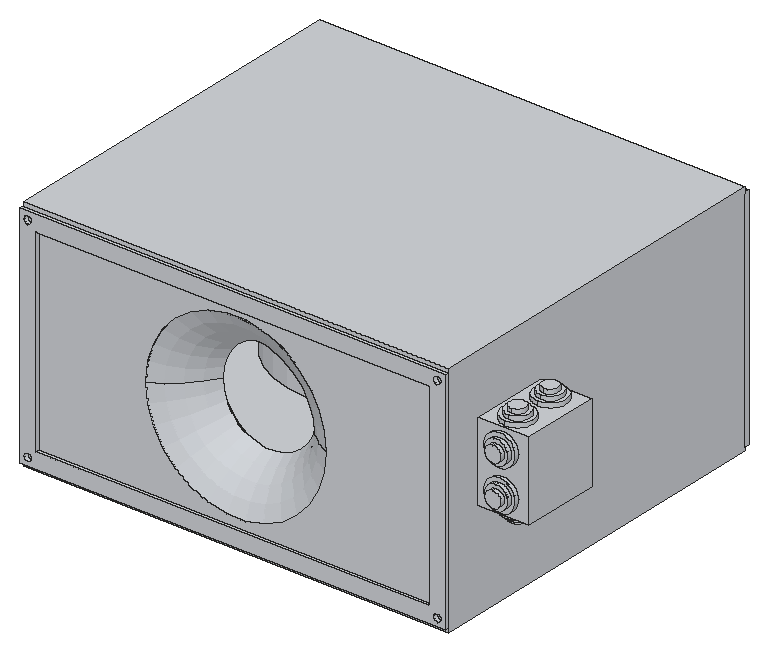
Revit family "ВентКлиматСтрой Вентилятор канальный ВРПП", category Оборудование, Revit 2019 (continued)
Definition of nested family "УГО_Вентилятор 3D"
  Definition of nested family "УГО_Вент_Универсальный_Элемент"
    Dimensions and locks
      "Wf1": curve 61 to curve 61
      "Lf1": curve 63 to curve 63
      "Wf1": curve 63 to curve 63
      "Lf1": curve 65 to curve 65
      "Wf1": curve 65 to curve 65
      "Lf1": curve 67 to curve 67
      "Wf1": curve 67 to curve 67
      "Wf1": curve 70 to curve 70
      "Wf": curve 60 to curve 62
      "Wf": curve 64 to curve 62
      "Wf": curve 64 to curve 66
      "Wf": curve 68 to curve 66
      "Wf": curve 68 to curve 69
      "Lf1": curve 71 to curve 71
      "Lf": curve 61 to curve 59
      "Lf1": curve 70 to curve 70
      equal spacing: curve 65, plane 3 "По центру (Влево/Вправо)", curve 63
      "Wf1": curve 59 to plane 6 "T"
      equal spacing: plane 1 "По центру (Вперед/Назад)", plane 9 "1/3H", plane 12 "1/6T", plane 6 "T"
      equal spacing: plane 7 "B", plane 11 "1/6B", plane 10 "1/3H'", plane 1 "По центру (Вперед/Назад)"
      equal spacing: plane 7 "B", plane 1 "По центру (Вперед/Назад)", plane 6 "T"
      locked: plane 1 "По центру (Вперед/Назад)" to curve 8 at 0.2
      equal spacing: plane 3 "По центру (Влево/Вправо)", plane 27 "1/2R", plane 4 "R"
      equal spacing: plane 5 "L", plane 26 "1/2L", plane 3 "По центру (Влево/Вправо)"
      locked: plane 26 "1/2L" to plane 28 at 2
      locked: plane 29 to plane 27 "1/2R" at 2
      locked: plane 1 "По центру (Вперед/Назад)" to curve 73 at 2
      "0.25W": curve 74 to plane 6 "T"
      "0.25W": plane 7 "B" to curve 74
      "D2": curve 77 to plane 1 "По центру (Вперед/Назад)"
      equal spacing: plane 1 "По центру (Вперед/Назад)", curve 80, plane 6 "T"
      locked: curve 81 to curve 80 at 5
      "l1": curve 81 to curve 81
      "l1": curve 82 to curve 82
      "l1": curve 83 to curve 83
      locked: curve 84 to curve 80 at 5
      "l1": curve 84 to curve 84
      "l2": curve 81 to curve 84
      "l1": curve 85 to curve 85
      "l1": curve 86 to curve 86
      "Re": curve 87 to curve 87
      "s1": curve 87 to curve 87
      "Re": curve 88 to curve 88
      "s1": curve 88 to curve 88
      "Re": curve 89 to curve 89
      "s1": curve 89 to curve 89
      equal spacing: Extrusion 8 sketch curve, Extrusion 8 sketch curve, Extrusion 8 sketch curve, Extrusion 8 sketch curve
      "0.25W": Extrusion 8 sketch curve to Extrusion 8 sketch curve
      equal spacing: Extrusion 8 sketch curve, plane 1 "По центру (Вперед/Назад)", Extrusion 8 sketch curve
      equal spacing: curve 93, curve 92, curve 91, curve 90
      equal spacing: curve 91, plane 1 "По центру (Вперед/Назад)", curve 92
      equal spacing: curve 94, curve 93, curve 94
      "Ld1": curve 94 to curve 94
      equal spacing: curve 95, curve 92, curve 95
      "Ld1": curve 95 to curve 95
      equal spacing: curve 96, curve 91, curve 96
      "Ld1": curve 96 to curve 96
      equal spacing: curve 97, curve 90, curve 97
      "Ld1": curve 97 to curve 97
      "0.25W": curve 92 to curve 91
      equal spacing: curve 101, plane 3 "По центру (Влево/Вправо)", curve 101
      "Ls2": curve 101 to curve 101
      equal spacing: curve 100, curve 101, curve 100
      "Ls2": curve 100 to curve 100
      equal spacing: curve 102, plane 3 "По центру (Влево/Вправо)", curve 102
      "Ls2": curve 102 to curve 102
      equal spacing: plane 1 "По центру (Вперед/Назад)", curve 99, plane 6 "T"
      equal spacing: plane 7 "B", curve 103, plane 1 "По центру (Вперед/Назад)"
      locked: curve 101 to curve 81 at 0.5
      equal spacing: curve 108, curve 106, curve 108
      "Ls3": curve 108 to curve 108
      "SL": plane 5 "L" to curve 106
      "SL": curve 105 to plane 4 "R"
      "SW": plane 7 "B" to curve 106
      "SW": curve 105 to plane 6 "T"
      equal spacing: curve 107, curve 105, curve 107
      "Ls3": curve 107 to curve 107
      locked: curve 105 to curve 109 at 0.5
      equal spacing: curve 109, curve 107, curve 109
      "Ls3": curve 109 to curve 109
      locked: curve 108 to curve 106 at 0.5
      "Диаметр трубок": diameter of curve 3
      "Диаметр трубок": diameter of curve 4
      "D": diameter of curve 12
      "D1": diameter of curve 75
      "D2": diameter of curve 76
      "d": diameter of Extrusion 8 sketch curve  (x4)
      "d": diameter of curve 90
      "d": diameter of curve 91
      "d": diameter of curve 92
      "d": diameter of curve 93
      "Ds": diameter of curve 103
      "Ds": diameter of curve 99
      "Ds1": diameter of curve 106
      "Ds1": diameter of curve 105
      angle curve 14 to curve 13 = 60.00°
      angle curve 13 to curve 15 = 60.00°
      locked: curve 82 to curve 81 (angle 20.00°)
      locked: curve 81 to curve 83 (angle 20.00°)
      locked: curve 85 to curve 84 (angle 20.00°)
      locked: curve 84 to curve 86 (angle 20.00°)
      locked: curve 94 to plane 3 "По центру (Влево/Вправо)" (angle 45.00°)
      locked: plane 3 "По центру (Влево/Вправо)" to curve 95 (angle 45.00°)
      locked: curve 96 to plane 3 "По центру (Влево/Вправо)" (angle 45.00°)
      locked: plane 3 "По центру (Влево/Вправо)" to curve 97 (angle 45.00°)
      aligned and locked: level to plane 2
      aligned and locked: Extrusion 2 sketch curve to plane 4 "R"
      aligned and locked: Extrusion 2 sketch curve to plane 7 "B"
      aligned and locked: Extrusion 5 sketch curve to curve 3
      aligned and locked: Extrusion 5 sketch curve to curve 4
      aligned and locked: plane 1 "По центру (Вперед/Назад)" to Extrusion 7 sketch curve
      aligned and locked: plane 3 "По центру (Влево/Вправо)" to Extrusion 7 sketch curve
      aligned and locked: Extrusion 3 sketch curve to plane 4 "R"
      aligned and locked: plane 5 "L" to Extrusion 3 sketch curve
      aligned and locked: plane 6 "T" to Extrusion 3 sketch curve
      aligned and locked: plane 7 "B" to Extrusion 3 sketch curve
      aligned and locked: curve 9 to plane 3 "По центру (Влево/Вправо)"
      aligned and locked: plane 1 "По центру (Вперед/Назад)" to curve 9
      aligned and locked: plane 1 "По центру (Вперед/Назад)" to curve 10
      aligned and locked: plane 3 "По центру (Влево/Вправо)" to curve 11
      aligned and locked: plane 3 "По центру (Влево/Вправо)" to curve 12
      aligned and locked: plane 1 "По центру (Вперед/Назад)" to curve 12
      aligned and locked: plane 4 "R" to curve 20
      aligned and locked: plane 1 "По центру (Вперед/Назад)" to curve 21
      aligned and locked: curve 6 to curve 24
      aligned and locked: curve 25 to curve 2
      aligned and locked: curve 26 to curve 2
      aligned and locked: curve 25 to curve 1
      aligned and locked: curve 26 to curve 1
      aligned and locked: curve 32 to curve 29
      aligned and locked: curve 33 to curve 31
      aligned and locked: curve 32 to curve 28
      aligned and locked: curve 33 to curve 28
      aligned and locked: plane 6 "T" to curve 33
      aligned and locked: plane 6 "T" to curve 32
      aligned and locked: plane 9 "1/3H" to curve 33
      aligned and locked: plane 9 "1/3H" to curve 32
      aligned and locked: plane 6 "T" to curve 55
      aligned and locked: plane 5 "L" to curve 56
      aligned and locked: curve 57 to plane 7 "B"
      aligned and locked: curve 58 to plane 4 "R"
      aligned and locked: curve 62 to curve 59
      aligned and locked: curve 63 to curve 59
      aligned and locked: curve 59 to curve 67
      aligned and locked: curve 59 to curve 70
      aligned and locked: curve 61 to curve 65
      aligned and locked: curve 61 to curve 71
      aligned and locked: plane 28 to curve 72
      aligned and locked: plane 29 to curve 74
      aligned and locked: plane 16 to curve 77
      aligned and locked: plane 17 to curve 77
      aligned and locked: plane 18 to curve 78
      aligned and locked: plane 15 to curve 79
      aligned and locked: plane 5 "L" to curve 79
      aligned and locked: curve 77 to curve 78
      aligned and locked: curve 77 to curve 79
      aligned and locked: curve 80 to curve 81
      aligned and locked: plane 13 to curve 87
      aligned and locked: plane 13 to curve 88
      aligned and locked: plane 13 to curve 89
      aligned and locked: plane 3 "По центру (Влево/Вправо)" to Extrusion 8 sketch curve  (x4)
      aligned and locked: curve 94 to curve 93
      aligned and locked: plane 3 "По центру (Влево/Вправо)" to curve 93
      aligned and locked: curve 96 to curve 91
      aligned and locked: curve 97 to curve 90
      aligned and locked: curve 95 to curve 92
      aligned and locked: plane 3 "По центру (Влево/Вправо)" to curve 92
      aligned and locked: plane 3 "По центру (Влево/Вправо)" to curve 91
      aligned and locked: plane 3 "По центру (Влево/Вправо)" to curve 90
      aligned and locked: curve 102 to curve 103
      aligned and locked: plane 5 "L" to curve 98
      aligned and locked: curve 107 to curve 105
    Automatic sketch dimensions
      Extrusion 1 sketch curve to plane 5 "L" = 0 mm
      Extrusion 1 sketch curve to plane 4 "R" = 0 mm
      plane 7 "B" to Extrusion 1 sketch curve = 0 mm
      plane 6 "T" to Extrusion 1 sketch curve = 0 mm
      Extrusion 2 sketch curve to plane 5 "L" = 0 mm
      plane 6 "T" to Extrusion 2 sketch curve = 0 mm
      Extrusion 6 sketch curve to plane 5 "L" = 0 mm
      Extrusion 6 sketch curve to plane 4 "R" = 0 mm
      plane 7 "B" to Extrusion 6 sketch curve = 0 mm
      plane 6 "T" to Extrusion 6 sketch curve = 0 mm
      curve 12 to curve 75 = 0 mm  (x2)
      curve 12 to curve 76 = 0 mm  (x2)
      curve 75 to curve 76 = 0 mm
      curve 48 to plane 14 = 0 mm
      curve 35 to plane 14 = 0 mm
      curve 41 to plane 14 = 0 mm
      curve 43 to plane 15 = 0 mm
      curve 35 to plane 15 = 0 mm
      curve 50 to plane 15 = 0 mm
      curve 37 to plane 16 = 0 mm
      curve 50 to plane 16 = 0 mm
      curve 44 to plane 16 = 0 mm
      curve 12 to plane 3 "По центру (Влево/Вправо)" = 0 mm
      curve 99 to plane 3 "По центру (Влево/Вправо)" = 0 mm
      curve 103 to plane 3 "По центру (Влево/Вправо)" = 0 mm
      curve 4 to plane 3 "По центру (Влево/Вправо)" = 0 mm
      curve 3 to plane 3 "По центру (Влево/Вправо)" = 0 mm
      curve 45 to plane 17 = 0 mm
      curve 51 to plane 17 = 0 mm
      curve 38 to plane 17 = 0 mm
      curve 38 to plane 18 = 0 mm
      curve 52 to plane 18 = 0 mm
      curve 46 to plane 18 = 0 mm
      curve 47 to plane 19 = 0 mm
      curve 40 to plane 19 = 0 mm
      curve 53 to plane 19 = 0 mm
      plane 25 to curve 51 = 0 mm
      plane 25 to curve 48 = 0 mm
      plane 25 to curve 54 = 0 mm
      plane 25 to curve 52 = 0 mm
      plane 24 to curve 48 = 0 mm
      plane 24 to curve 49 = 0 mm
      plane 24 to curve 51 = 0 mm
      plane 24 to curve 54 = 0 mm
      plane 20 to curve 39 = 0 mm
      plane 20 to curve 37 = 0 mm
      plane 20 to curve 35 = 0 mm
      plane 1 "По центру (Вперед/Назад)" to curve 7 = 0 mm
      plane 21 to curve 36 = 0 mm
      plane 21 to curve 37 = 0 mm
      plane 21 to curve 39 = 0 mm
      plane 21 to curve 34 = 0 mm
      plane 22 to curve 45 = 0 mm
      plane 22 to curve 42 = 0 mm
      plane 22 to curve 43 = 0 mm
      plane 22 to curve 47 = 0 mm
      plane 23 to curve 44 = 0 mm
      plane 23 to curve 42 = 0 mm
      plane 23 to curve 41 = 0 mm
      plane 23 to curve 47 = 0 mm
      curve 100 to plane 3 "По центру (Влево/Вправо)" = 0.5 mm
      curve 5 to plane 3 "По центру (Влево/Вправо)" = 0.1 mm
      curve 98 to plane 1 "По центру (Вперед/Назад)" = 0.5 mm
      curve 6 to plane 5 "L" = 0 mm
      curve 1 to plane 3 "По центру (Влево/Вправо)" = 0 mm
      curve 6 to plane 4 "R" = 0 mm
      plane 7 "B" to curve 6 = 0 mm
      plane 6 "T" to curve 6 = 0 mm
      Extrusion 4 sketch curve to plane 3 "По центру (Влево/Вправо)" = 0.4 mm
      plane 1 "По центру (Вперед/Назад)" to Extrusion 4 sketch curve = 0.4 mm  (x2)
      radius of Extrusion 7 sketch curve = 25 mm
Types (9, lengths in mm): name | RinAng | H | D1 | D | B2 | ADSK_Размер_Ширина | ADSK_Размер_Длина | ADSK_Размер_Глубина | ADSK_Размер_Высота | A2 | A1 | Lb | L1 | L | B1 | B | Bb | A | ADSK_Частота вращения двигателя | ADSK_Частота вращения вентилятора | ADSK_Ток | ADSK_Полная мощность | ADSK_Номинальная мощность | ADSK_Наименование краткое | ADSK_Наименование | ADSK_Масса | ADSK_Марка | ADSK_Коэффициент мощности
  ВРПП-30x15* | 15.00° | 220 | 150 | 150 | 190 | 300 | 380 | 300 | 150 | 340 | 320 | 370 | 180.278 | 380 | 170 | 150 | 310 | 300 | 2900 | 2900 | 0.321743 A | 276.923 VA | 180 W | "ВРПП-30х15А" | "Вентилятор радиальный прямоугольный прямоточный канальный 300x150, с электродвигателем мощностью 0.18 кВт" | 10.8 | "ВРПП-30х15А" | 0.65
  ВРПП-40x20* | 30.00° | 270 | 200 | 200 | 240 | 400 | 400 | 400 | 200 | 440 | 420 | 390 | 190.788 | 400 | 220 | 200 | 410 | 400 | 2825 | 2825 | 0.321743 A | 276.923 VA | 180 W | "ВРПП-40х20А" | "Вентилятор радиальный прямоугольный прямоточный канальный 400x200, с электродвигателем мощностью 0.18 кВт" | 14.5 | "ВРПП-40х20А" | 0.65
  ВРПП-50x25* | 45.00° | 300 | 230 | 250 | 290 | 500 | 480 | 500 | 250 | 540 | 520 | 470 | 232.379 | 480 | 270 | 250 | 510 | 500 | 1450 | 1450 | 0.214495 A | 184.615 VA | 120 W | "ВРПП-50х25А" | "Вентилятор радиальный прямоугольный прямоточный канальный 500x250, с электродвигателем мощностью 0.12 кВт" | 19 | "ВРПП-50х25А" | 0.65
  ВРПП-50x30* | 45.00° | 340 | 280 | 300 | 340 | 500 | 500 | 500 | 300 | 540 | 520 | 490 | 242.693 | 500 | 320 | 300 | 510 | 500 | 1430 | 1430 | 0.214495 A | 184.615 VA | 120 W | "ВРПП-50х30А" | "Вентилятор радиальный прямоугольный прямоточный канальный 500x300, с электродвигателем мощностью 0.12 кВт" | 22.6 | "ВРПП-50х30А" | 0.65
  ВРПП-60x30* | 45.00° | 340 | 280 | 300 | 340 | 600 | 500 | 600 | 300 | 640 | 620 | 490 | 242.693 | 500 | 320 | 300 | 610 | 600 | 1430 | 1430 | 0.321743 A | 276.923 VA | 180 W | "ВРПП-60х30А" | "Вентилятор радиальный прямоугольный прямоточный канальный 600x300, с электродвигателем мощностью 0.18 кВт" | 27.4 | "ВРПП-60х30А" | 0.65
  ВРПП-60x35* | 45.00° | 390 | 330 | 350 | 390 | 600 | 580 | 600 | 350 | 640 | 620 | 570 | 283.725 | 580 | 370 | 350 | 610 | 600 | 1450 | 1450 | 0.661361 A | 569.231 VA | 370 W | "ВРПП-60х35А" | "Вентилятор радиальный прямоугольный прямоточный канальный 600x350, с электродвигателем мощностью 0.37 кВт" | 32.9 | "ВРПП-60х35А" | 0.65
  ВРПП-70x40* | 45.00° | 440 | 380 | 400 | 440 | 700 | 580 | 700 | 400 | 740 | 720 | 570 | 283.725 | 580 | 420 | 400 | 710 | 700 | 1450 | 1450 | 0.983104 A | 846.154 VA | 550 W | "ВРПП-70х40А" | "Вентилятор радиальный прямоугольный прямоточный канальный 700x400, с электродвигателем мощностью 0.55 кВт" | 46.8 | "ВРПП-70х40А" | 0.65
  ВРПП-80x50* | 75.00° | 560 | 480 | 500 | 560 | 800 | 650 | 800 | 500 | 860 | 830 | 640 | 317.372 | 650 | 530 | 500 | 810 | 800 | 1460 | 1460 | 1.96621 A | 1466.67 VA | 1100 W | "ВРПП-80х50А" | "Вентилятор радиальный прямоугольный прямоточный канальный 800x500, с электродвигателем мощностью 1.1 кВт" | 63.3 | "ВРПП-80х50А" | 0.75
  ВРПП-100x50* | 75.00° | 560 | 480 | 500 | 560 | 1000 | 725 | 1000 | 500 | 1060 | 1030 | 715 | 355.677 | 725 | 530 | 500 | 1010 | 1000 | 1440 | 1440 | 3.93242 A | 2933.33 VA | 2200 W | "ВРПП-100х50А" | "Вентилятор радиальный прямоугольный прямоточный канальный 1000x500, с электродвигателем мощностью 2.2 кВт" | 82.1 | "ВРПП-100х50А" | 0.75
